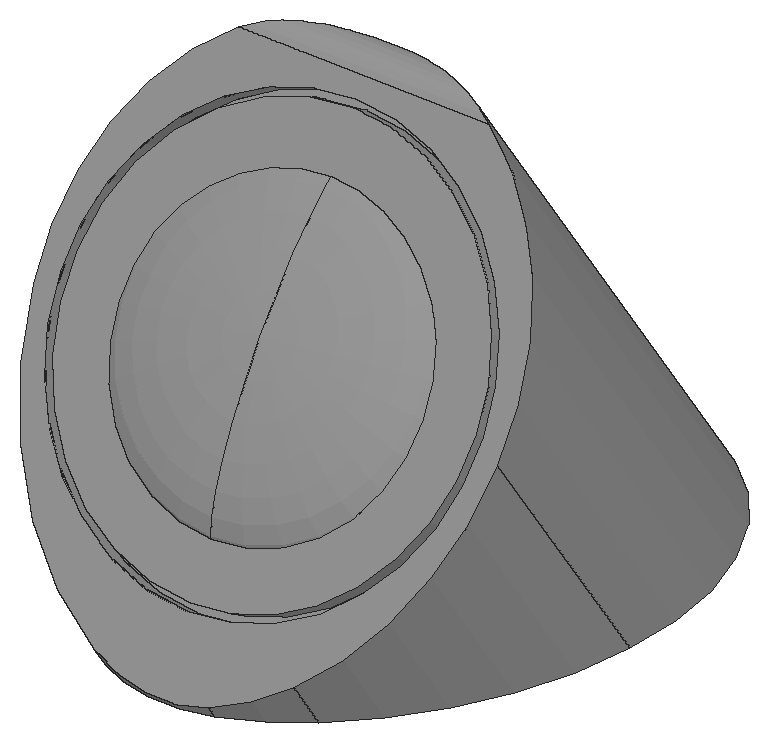
Revit family "Plumbing Fixture_Galvin_Galvincare_Wall_Shower_CP-BS_40691US_W", category Plumbing Fixtures, host Face, Revit 2019
Family settings
  Host = Face
  Round Connector Dimension = Use Diameter
  Part Type = Normal
  Cut with Voids When Loaded = No
  Shared = No
  Room Calculation Point = No
Parameters (values of type "Type 1")
  Waste Connection = no
  Vent Connection = no
  Variants = "Outlet"
  Vandal_Resistant = yes
  URL = "http://www.galvinengineering.com.au"
  Thread = "1/2\" NPT F"
  Specify_Host = "Face"
  ShowerHead = ""
  SKU_Code = "40691US"
  Product_Type = "Shower"
  Product_Range = "GalvinCare"
  PlumbingMaterial_ANZRS = Brass
  PlumbingFinish = "Chrome"
  Mounting_Surface = "Wall"
  Mounting = "Wall"
  Manufacturer_Phone_No = "1300-514-074"
  Manufacturer_OverallWidth = 0 mm
  Manufacturer_OverallHeight = 0 mm
  Manufacturer_OverallDepth = 0 mm
  Manufacturer = "Galvin Engineering"
  Instructions = "https://www.galvinengineering.com.au/assets/product_documents/installation_instructions/40691US%20Install.pdf"
  HW Connection = no
  FlowRate = "7"
  FilterObject_ANZRS = ""
  Description = "SAFE-CELL CHROME PLATED BRASS PRISON VANDAL RESISTANT SHOWER ROSE 65 - NPT"
  Default Elevation = 0 mm
  CategoryStyleOrType_ANZRS = "Plumbing Fixture"
  CW Connection = no
  Application = "Commercial"
  Anti_Ligature = yes
Reference planes
  plane 1 "Center (Front/Back)": y = 0
  plane 2: z = 0
  plane 3 "Center (Left/Right)": x = 0
Dimensions and locks
  aligned and locked: plane 2 to host face
  aligned and locked: level to host face
Nested families
  nested 1: "X_GALVIN_GALVINCARE_WALL_SHOWER" at (-0.083, -0.109, 0), type "Type 1"
Definition of nested family "X_GALVIN_GALVINCARE_WALL_SHOWER"
  Parameters (values of type "Type 1")
    PlumbingMaterial_ANZRS = none
    Manufacturer = ""
    Keynote = ""
    Description = ""
  Reference planes
    plane 1 "Center (Front/Back)": y = 0
    plane 2: z = 0
    plane 3 "Center (Left/Right)": x = 0
    plane 4: y = -42
    plane 5: y = 42
    plane 6: z = 63
    plane 7: z = 0
    plane 8: through (0, 42.03, 0) normal (0, 0.8192, 0.5736)
    plane 9: through (0, -42, 0) normal (0, 0.866, 0.5)
  Forms (mm)
    Extrusion 1, void
      sketch origin (0, 0, 0) x (1, 0, 0) y (0, 1, 0)
        loop
          circle (0, 0) r 100
      from 0 to -75
    Extrusion 2, void
      sketch origin (0, 0, 0) x (0, 1, 0) y (0, 0, 1)
        loop
          line (-42.715, 0) -> (-7.144, 61.611)
          arc (-7.144, 61.611) -> (-4.977, 63.348) -> (-2.2, 63.286) r 4.06
          line (-2.2, 63.286) -> (9.247, 90) -> (-70, 90) -> (-70, 0) -> (-42.715, 0)
      from -40 to 40
    Revolve 3, solid, material <- "PlumbingMaterial_ANZRS"
      sketch origin (0, 0.262, 1.792) x (0, 0.999977, 0.006803) y (0, -0.006803, 0.999977)
        loop
          spline (-8.059, 52.265) -> (-8.879, 52.247) -> (-9.865, 51.943) -> (-11.003, 51.356) -> (-12.279, 50.494) -> (-13.673, 49.369) -> (-15.169, 47.997) -> (-16.745, 46.395) -> (-18.38, 44.586) -> (-20.052, 42.593) -> (-21.738, 40.445) -> (-23.415, 38.17) -> (-25.062, 35.799)
          line (-25.062, 35.799) -> (-20.624, 32.917) -> (-8.059, 52.265)
        axis (-20.624, 32.917) -> (-25.062, 35.799)
      angle from 0 to 360
    Sweep 4, void
      path origin (0, -42.565, 0.259) x (0, 0.5, 0.866025) y (-1, 0, 0)
        loop
          circle (39.249, 0) r 28
      profile origin (28, -22.941, 34.249) x (1, 0, 0) y (0, -0.866025, 0.5)
        loop
          line (0, 0) -> (0, -2.5) -> (1, -2.5) -> (1, 0) -> (0, 0)
    Extrusion 5, void
      sketch origin (0, 0, 0) x (1, 0, 0) y (0, 1, 0)
        loop
          circle (-21.5, 3.301) r 5
        loop
          circle (0, 3.301) r 11
        loop
          circle (21.5, 3.301) r 5
      from 0 to 23.5
    Blend 6, void
      base sketch origin (0, 0, 0) x (1, 0, 0) y (0, 1, 0)
        loop
          spline (21.5, 13.301) -> (20.767, 19.435) -> (18.62, 25.151) -> (15.203, 30.06) -> (10.75, 33.826) -> (5.565, 36.194) -> (0, 37.001) -> (-5.565, 36.194) -> (-10.75, 33.826) -> (-15.203, 30.06) -> (-18.62, 25.151) -> (-20.767, 19.435) -> (-21.5, 13.301)
          arc (-21.5, 13.301) -> (0, 18.501) -> (21.5, 13.301) r 47.047
      top sketch origin (0, 0, 0) x (1, 0, 0) y (0, 1, 0)
        loop
          arc (-15.75, 13.301) -> (-0.093, 18.502) -> (15.563, 13.301) r 26.169
          arc (15.563, 13.301) -> (-0.093, 25.061) -> (-15.75, 13.301) r 16.302
      from -4.211 to 17
    Extrusion 7, solid, material <- "PlumbingMaterial_ANZRS"
      sketch origin (-419.141, 14.269, -20.899) x (1, 0, 0) y (0, 0.819852, 0.572576)
        loop
          arc (435.057, -28.376) -> (445.944, -16.34) -> (450.973, -0.91) r 38.904
          arc (450.973, -0.91) -> (419.141, 34.7) -> (387.309, -0.91) r 32.032
          arc (387.309, -0.91) -> (394.257, -19.329) -> (409.353, -31.945) r 38.904
          arc (409.353, -31.945) -> (417.368, -34.078) -> (425.617, -33.21) r 22.847
          arc (425.617, -33.21) -> (430.521, -31.153) -> (435.057, -28.376) r 35
      from -33.107 to 90
    Extrusion 8, void
      sketch origin (0, 0, 0) x (1, 0, 0) y (0, 1, 0)
        loop
          arc (-3.85, -16.603) -> (-8.909, -11.844) -> (-12.144, -5.699) r 21.05
          line (-12.144, -5.699) -> (-25.644, -5.699)
          arc (-25.644, -5.699) -> (-17.53, -23.695) -> (-3.85, -37.927) r 58
          line (-3.85, -37.927) -> (-3.85, -16.603)
        loop
          line (3.85, -16.603) -> (3.85, -37.927)
          arc (3.85, -37.927) -> (17.53, -23.695) -> (25.644, -5.699) r 58
          line (25.644, -5.699) -> (12.144, -5.699)
          arc (12.144, -5.699) -> (8.909, -11.844) -> (3.85, -16.603) r 21.05
      from -6.962 to 3.701
  Cuts and joins
    Extrusion 1, Extrusion 2, Sweep 4, Extrusion 5, Blend 6, Extrusion 8 cuts Extrusion 7
  Dimensions and locks
    level to plane 6 = 63 mm
    plane 5 to plane 4 = 84 mm
    aligned and locked: level to plane 2
